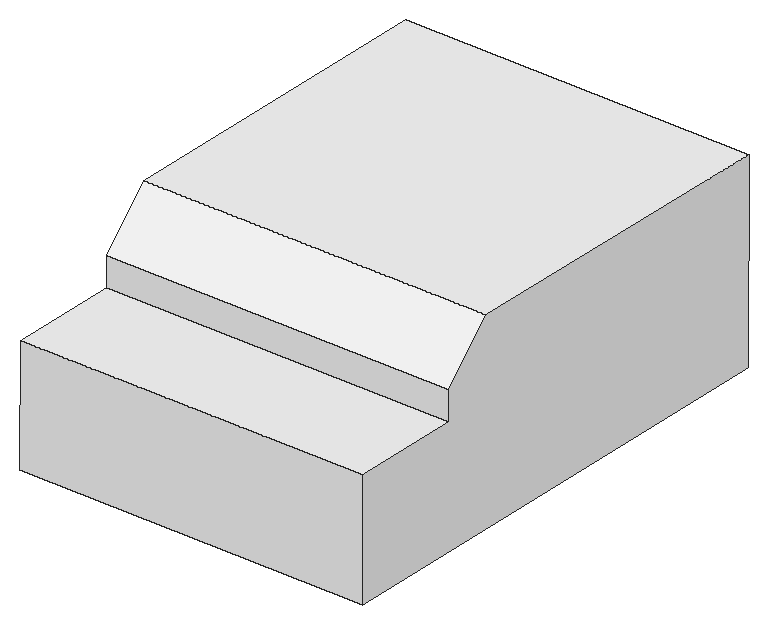
Revit family "Specialty_Equipment-Metal_Raceway-Hubbell_Wiring-Entrance_End_Fitting_Divided-HBL4710DFO", category Specialty Equipment, host Face, Revit 2015
Parameters
  URL = "http://www.hubbell-wiring.com/"
  Product data url = "https://bimobject.com/hubbellwiring/product/hubbell-metal-raceway-hbl4750"
  Product Page URL = "http://ecatalog.hubbell-wiring.com/ProductInformation/ViewCatalog.aspx?Dest=hubbell-wiring.com/press/catalog/o.pdf&Page=21"
  Product Documentation Link = "http://www.hubbell-wiring.com/press/pdfs/h5233r08.pdf"
  Model = "HBL4710DFOIV"
  Manufacturer = "Hubbell-Wiring"  # constant formula
  Host Note = "Add in Section View; Host to Wall"  # constant formula
  Description = "Entrance End Fitting Divided"  # constant formula
  Default Elevation = 0' - 0"
  Cable Tray Material = Metal-Hubbell-Ivory Powder Coat
  Assembly Code = "D5090900"
Types (3): name | Model | Cable Tray Material
  (no name) | "HBL4710DFOIV" | Metal-Hubbell-Ivory Powder Coat
  HBL4710DFOGY - Gray | "HBL4710DFOGY" | Metal-Hubbell-Gray Powder Coat
  HBL4710DFOIV - Ivory | "HBL4710DFOIV" | Metal-Hubbell-Ivory Powder Coat
Reference planes (in)
  plane 1 "Back": y = 0
  plane 2 "Wall": z = 0
  plane 3 "Left": x = 0
  plane 4 "Front": y = -6.76
  plane 5 "Top": through (0, 6.56024, 2.65519) normal (0, 0.0002, 1)
  plane 6 "Top of Channel": z = 1.61464
  plane 7 "Right": x = 4.75
  plane 8 "Center": x = 2.375
  plane 9: x = 1.1875
  plane 10: x = 3.5625
  plane 11: y = -0.0625
  plane 12: x = 3.5625
  plane 13: x = 1.1875
  plane 14: x = 1.1875
  plane 15: x = 3.5625
Forms (in)
  Extrusion 1, solid, material "Metal-Hubbell-Ivory Powder Coat" <- "Cable Tray Material"
    sketch origin (0, 0, 0) x (0, 1, 0) y (0, 0, 1)
      loop
        line (-5.26, 2.0075) -> (-5.26, 1.61464) -> (-6.76, 1.61464) -> (-6.76, 0) -> (-0.0625, 0) -> (-0.0625, 2.65661) -> (-4.60992, 2.65758) -> (-5.26, 2.0075)
    from 0 to 4.75
  Extrusion 2, solid, material "Metal-Hubbell-Ivory Powder Coat" <- "Cable Tray Material"
    sketch origin (0, 0, 0) x (1, 0, 0) y (0, 0, 1)
      loop
        circle (1.1875, 0.96288) r 0.75
    from 0 to 0.0625
  Extrusion 3, solid, material "Metal-Hubbell-Ivory Powder Coat" <- "Cable Tray Material"
    sketch origin (4.75, 0, 0) x (-1, 0, 0) y (0, 0, -1)
      loop
        circle (1.1875, -0.96288) r 0.75
    from 0 to 0.0625
Cuts and joins
  joined: Extrusion 1, Extrusion 2, Extrusion 3
Lines and regions (in)
  Masking region 1
    outline origin (0, 0, 0) x (0, 1, 0) y (0, 0, 1)
      loop
        line (-4.60992, 2.65758) -> (-5.26, 2.0075) -> (-5.26, 1.61464) -> (-6.76, 1.61464) -> (-6.76, 0) -> (-0.0625, 0) -> (-0.0625, 0.21288) -> (0, 0.21288) -> (0, 1.71288) -> (-0.0625, 1.71288) -> (-0.0625, 2.65661) -> (-4.60992, 2.65758)
Dimensions and locks (in)
  locked: plane 1 "Back" to plane 4 "Front" at 6.76
  locked: plane 7 "Right" to plane 3 "Left" at 4.75
  locked: plane 6 "Top of Channel" to host face at 1.61464
  locked: plane 11 to plane 1 "Back" at 0.0625
  aligned and locked: plane 2 "Wall" to host face
  aligned and locked: level to host face
  aligned and locked: plane 5 "Top" to Extrusion 1
  aligned and locked: Extrusion 1 to plane 4 "Front"  (x2)
  aligned and locked: Extrusion 1 to plane 2 "Wall"
  aligned and locked: Extrusion 1 to plane 3 "Left"
  aligned and locked: plane 7 "Right" to Extrusion 1
  aligned and locked: Extrusion 1 to plane 6 "Top of Channel"
  aligned and locked: Extrusion 2 to plane 1 "Back"
  aligned and locked: Extrusion 2 to plane 11
  aligned and locked: plane 11 to Extrusion 1
  aligned and locked: Extrusion 3 to plane 1 "Back"
  aligned and locked: Extrusion 3 to plane 11
  aligned and locked: Extrusion 1 to plane 11
  aligned and locked: Masking region 1 sketch curve to cut or joined group of Extrusion 1, Extrusion 2, Extrusion 3  (x8)
  aligned and locked: cut or joined group of Extrusion 1, Extrusion 2, Extrusion 3 to plane 1 "Back"  (x2)
  aligned and locked: plane 9 to Extrusion 2 sketch curve
  aligned and locked: plane 14 to Extrusion 2 sketch curve
  aligned and locked: plane 15 to Extrusion 3 sketch curve
  aligned and locked: plane 11 to cut or joined group of Extrusion 1, Extrusion 2, Extrusion 3
  aligned and locked: plane 1 "Back" to cut or joined group of Extrusion 1, Extrusion 2, Extrusion 3
  aligned and locked: cut or joined group of Extrusion 1, Extrusion 2, Extrusion 3 to plane 11
